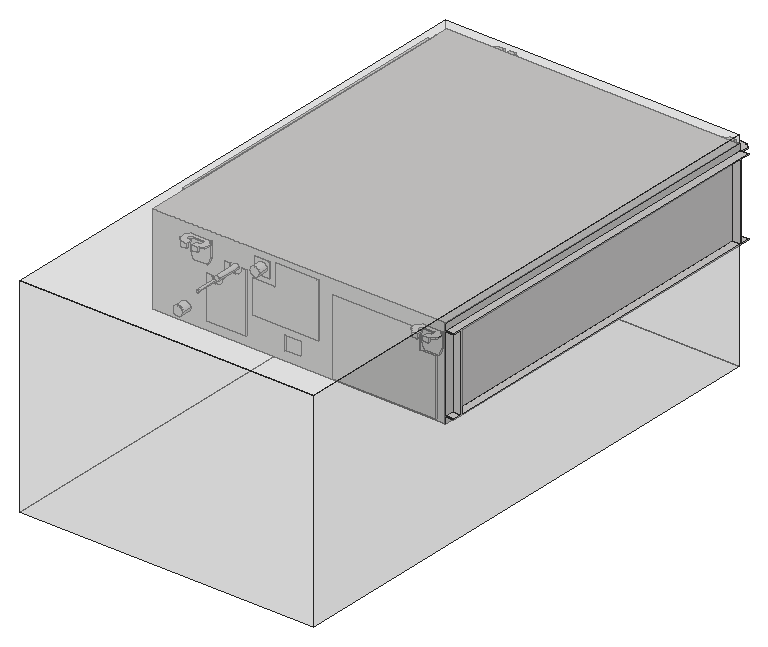
Revit family "outputfile", category 機械設備, Revit 2024
Family settings
  丸型コネクタ寸法 = 半径を使用
  パーツ タイプ = 標準
  OmniClass 番号 = 23.75.10.24.21.27.27
  OmniClass タイトル = Split System Air Conditioning Units
  作業面ベース = いいえ
  常に垂直 = はい
  ロード時にボイドで切り取り = いいえ
  注釈の向きを維持 = いいえ
  共有 = いいえ
  部屋計算ポイント = はい
Parameters (values of type "FXSA50AVM")
  製造元 = "Daikin"
  書き出し IFC クラス(タイプ) = "IfcUnitaryEquipmentType"
  定義済み IFC タイプ(タイプ) = "AIRCONDITIONINGUNIT"
  モデル = "FXSA50AVM"
  switch_frequency = yes
  r_Liquid Pipe Size = Liquid Pipe Size / 2  # 3.2 mm
  r_Gas Pipe Size = Gas Pipe Size / 2  # 6.35 mm
  r_Drain Pipe Size = Drain Pipe Size / 2  # 12.5 mm
  lw_power = 770.0 mm
  lh_SA = 138.0 mm
  lw_SA = if(Width = 550.0 mm, 225.0 mm, if(Width = 700.0 mm, 300.0 mm, if(Width = 1000.0 mm, 450.0 mm, if(Width = 1400.0 mm, 650.0 mm, 725.0 mm))))  # 450.0 mm
  lw_RA = if(Width = 550.0 mm, 275.0 mm, if(Width = 700.0 mm, 349.0 mm, if(Width = 1000.0 mm, 499.0 mm, if(Width = 1400.0 mm, 699.0 mm, 775.0 mm))))  # 499.0 mm
  lh_power = 60.0 mm + [h***]  # 60.0 mm
  lh_mountinghole1 = lh_mountinghole + [h***]  # 222.0 mm
  lh_RA = 123.0 mm
  ld_power = Width / 2  # 500.0 mm
  connector_voltage = Voltage_50Hz  # 220 V
  connector_powerinput = [Power Input (Cooling)]  # 0.075 kW
  connector_phase = Phase_50Hz  # 1
  Voltage_comment_60Hz = "220-230"
  Voltage_comment_50Hz = "220-240"
  Voltage_60Hz = 220 V
  Voltage_50Hz = 220 V
  Total Heating Capacity [instance] = 0.000 kW
  Supply Air Direction [instance] = yes
  Sound Power Level_H speed (dB) = 62
  Power Input (Heating) = 0.070 kW
  Phase_60Hz = 1
  Phase_50Hz = 1
  Nominal Heating Capacity = 6.300 kW
  Minimum External Static Pressure = 50.00 Pa
  Minimum Circuit Amps_60Hz = 1.6 A
  Minimum Circuit Amps_50Hz = 1.6 A
  Maximum Fuse Amps_60Hz = 16.0 A
  Maximum Fuse Amps_50Hz = 16.0 A
  Maximum External Static Pressure = 150.00 Pa
  Material_Casing = DAIKIN_GalvanizedSteel_Casing_indoorunit
  lw_mountinghole = 630.0 mm
  lh_gaspipe = 183.0 mm + [h***]  # 183.0 mm
  lh_mountinghole = 222.0 mm
  lh_liquidpipe = 136.0 mm + [h***]  # 136.0 mm
  lh_drainpipe = 207.0 mm + [h***]  # 207.0 mm
  lh_antena = Height - lh_mountinghole + 1.0 mm  # 24.0 mm
  ld_drainpipe = Width / 2 + 26.0 mm  # 526.0 mm
  ld_liquidpipe = 569.0 mm
  ld_gaspipe = Width / 2 + 65.0 mm  # 565.0 mm
  ld_mountinghole = Width + 38.0 mm  # 1038.0 mm
  h*** = 0.0 mm
  lw_liquidpipe = 179.0 mm
  lw_gaspipe = 229.0 mm
  lw_drainpipe = 300.0 mm
  Width = 1000.0 mm
  Version = "ver.1.0"
  Unit Type = "Duct_M.S.P."
  Unit Mass Weight = 35.00 kg
  Unit Designation [instance] = ""
  Uniclass2015Version = "Products v1.30"
  Uniclass2015Title = "Variable refrigerant flow units"
  Uniclass2015Code = "Pr_70_65_03_94"
  Total Cooling Capacity [instance] = 0.000 kW
  Sound Pressure Level_M speed (dBA) = 32
  Sound Pressure Level_L speed (dBA) = 29
  Sound Pressure Level_H speed (dBA) = 34
  Series = "VRV Fan Coil Unit"
  Sensible Cooling Capacity [instance] = 0.000 kW
  SA Duct Size Width = 792.0 mm
  SA Duct Size Height = 176.0 mm
  Refrigerant Type = "R32"
  RA Duct Size Width = 952.0 mm
  RA Duct Size Height = 208.0 mm
  Power Input (Cooling) = 0.075 kW
  Option Accessory 3 [instance] = ""
  Option Accessory 2 [instance] = ""
  Option Accessory 1 [instance] = ""
  Nominal Cooling Capacity = 5.600 kW
  Minimum Airflow = 690.00 m³/h
  Median Airflow = 870.00 m³/h
  Maximum Airflow = 1020.00 m³/h
  Load Classification = HVAC
  Liquid Pipe Size = 6.4 mm
  Link_Nested Family [instance] = ""
  IfcVersion = ""
  IfcExportType = "AIRCONDITIONINGUNIT"
  IfcExportAs = "IfcUnitaryEquipmentType"
  Height = 245.0 mm
  Heating Entering Wet Bulb Temperature [instance] = -273.15 °C
  Heating Entering Dry Bulb Temperature [instance] = -273.15 °C
  Heating Ambient Wet Bulb Temperature [instance] = -273.15 °C
  Heating Ambient Dry Bulb Temperature [instance] = -273.15 °C
  Heat Exchanger Type = "Cross Fin Coil"
  Gas Pipe Size = 12.7 mm
  Frequency_60Hz = 60 Hz
  Frequency_50Hz = 50 Hz
  Fan Type = "Sirocco Fan"
  Fan Drive = "Direct Drive"
  FCU Tag No. [instance] = ""
  Drain Pipe Size = 25.0 mm
  Design Supply Airflow [instance] = 0.00 m³/h
  Design Return Airflow [instance] = 0.00 m³/h
  Design External Static Pressure [instance] = 0.00 Pa
  Depth = 800.0 mm
  既定の高さ = 0.0 mm
  Cooling Entering Wet Bulb Temperature [instance] = 0.00 °C
  Cooling Entering Dry Bulb Temperature [instance] = 0.00 °C
  Cooling Ambient Wet Bulb Temperature [instance] = 0.00 °C
  Cooling Ambient Dry Bulb Temperature [instance] = 0.00 °C
  Clearance visibility [instance] = yes
  Clearance Top = 20.0 mm
  Clearance Right = 0.0 mm
  Clearance Rear = 0.0 mm
  Clearance Left = 0.0 mm
  Clearance Front = 450.0 mm
  Clearance Bottom = 300.0 mm
Reference planes
  plane 1 "Center (Front/Back)": y = 0
  plane 2 "h": z = 0
  plane 3 "Center (Left/Right)": x = 0
  plane 4 "Back": y = 500
  plane 5 "Front": y = -500
  plane 6 "Left": x = -400
  plane 7 "Right": x = 400
  plane 8 "Top": z = 0
  plane 9 "Bottom": z = -245
  plane 10: y = -215
  plane 11: y = 500
  plane 12: y = -950
  plane 13: x = -400
  plane 14: x = 400
  plane 15: z = 20
  plane 16: z = -545
  plane 17: x = -400
  plane 18: x = -399
  plane 19: x = 399
  plane 20: y = 50
  plane 21: y = -1
  plane 22: z = -122
  plane 23: y = -501
  plane 24: z = -109
  plane 25: x = -221
  plane 26: y = -565
  plane 27: z = -62
  plane 28: x = -171
  plane 29: y = -526
  plane 30: z = -38
  plane 31: x = -100
  plane 32: x = -100
  plane 33: x = -221
  plane 34: x = -171
  plane 35: x = 370
  plane 36: x = -266
  plane 37: x = 364
  plane 38: y = -519
  plane 39: y = 519
  plane 40: z = -23
  plane 41: z = -107
  plane 42: y = -569
  plane 43: z = -207
  plane 44: x = -309
  plane 45: y = -376
  plane 46: x = -251
  plane 47: x = -203
  plane 48: x = -144
  plane 49: z = -59
  plane 50: z = -106
  plane 51: z = -221
  plane 52: z = -109
  plane 53: x = -221
  plane 54: z = -62
  plane 55: x = -171
  plane 56: z = -17
  plane 57: z = -59
  plane 58: x = -121
  plane 59: x = -79
  plane 60: x = -125
  plane 61: x = -64
  plane 62: x = 53
  plane 63: z = -164
  plane 64: z = -73
  plane 65: z = -16
  plane 66: x = 93.5
  plane 67: x = 374.5
  plane 68: x = 330
  plane 69: z = -88.5
  plane 70: z = -38
  plane 71: z = -242.5
  plane 72: x = -38.5
  plane 73: x = 6.5
  plane 74: z = -181
  plane 75: z = -221
  plane 76: y = -499
  plane 77: x = -424
  plane 78: x = 424
Forms (mm)
  Extrusion 1, solid, material "DAIKIN_GalvanizedSteel_Casing_indoorunit" <- "Material_Casing"
    sketch origin (0, 0, 0) x (1, 0, 0) y (0, 1, 0)
      loop
        line (-399, 500) -> (-399, -500) -> (399, -500) -> (399, 500) -> (-399, 500)
    from -245 to 0
  Extrusion 2, solid, material "DAIKIN_GalvanizedSteel_Casing_indoorunit" <- "Material_Casing"
    sketch origin (0, 0, 0) x (1, 0, 0) y (0, 0, 1)
      loop
        line (-251, -221) -> (-144, -221) -> (-144, -59) -> (-154.47, -59)
        arc (-154.47, -59) -> (-171, -78.8) -> (-187.53, -59) r 16.8
        line (-187.53, -59) -> (-203, -59) -> (-203, -106) -> (-206.916, -106)
        arc (-206.916, -106) -> (-221, -123.4) -> (-235.084, -106) r 14.4
        line (-235.084, -106) -> (-251, -106) -> (-251, -221)
    from 500 to 501
  Extrusion 3, solid, material "DAIKIN_GalvanizedSteel_Casing_indoorunit" <- "Material_Casing"
    sketch origin (0, 0, 0) x (1, 0, 0) y (0, 0, 1)
      loop
        line (-121, -17) -> (-121, -59) -> (-79, -59) -> (-79, -17) -> (-121, -17)
      loop
        line (-125, -73) -> (-125, -164) -> (53, -164) -> (53, -16) -> (-64, -16) -> (-64, -73) -> (-125, -73)
    from 500 to 501
  Extrusion 4, solid, material "DAIKIN_GalvanizedSteel_Casing_indoorunit" <- "Material_Casing"
    sketch origin (0, 0, 0) x (1, 0, 0) y (0, 0, 1)
      loop
        line (93.5, -38) -> (93.5, -242.5) -> (374.5, -242.5) -> (374.5, -88.5) -> (330, -88.5) -> (330, -38) -> (93.5, -38)
    from 500 to 501
  Extrusion 5, solid, material "DAIKIN_GalvanizedSteel_Casing_indoorunit" <- "Material_Casing"
    sketch origin (0, 0, 0) x (1, 0, 0) y (0, 0, 1)
      loop
        circle (-221, -109) r 3.2
    from 500 to 569
  Extrusion 6, solid, material "DAIKIN_GalvanizedSteel_Casing_indoorunit" <- "Material_Casing"
    sketch origin (0, 0, 0) x (1, 0, 0) y (0, 0, 1)
      loop
        circle (-171, -62) r 6.35
    from 500 to 565
  Extrusion 7, solid, material "DAIKIN_GalvanizedSteel_Casing_indoorunit" <- "Material_Casing"
    sketch origin (0, 0, 0) x (1, 0, 0) y (0, 0, 1)
      loop
        circle (-100, -38) r 12.5
    from 501 to 526
  Extrusion 8, solid, material "DAIKIN_GalvanizedSteel_Casing_indoorunit" <- "Material_Casing"
    sketch origin (0, 0, 0) x (1, 0, 0) y (0, 0, 1)
      loop
        circle (-309, -207) r 13
    from 500 to 526
  Extrusion 9, void
    sketch origin (0, 0, 0) x (1, 0, 0) y (0, 0, 1)
      loop
        line (-38.5, -181) -> (-38.5, -221) -> (6.5, -221) -> (6.5, -181) -> (-38.5, -181)
    from 499 to 500
Cuts and joins
  Extrusion 9 cuts Extrusion 1
Dimensions and locks
  "Height": plane 8 "Top" to plane 9 "Bottom"
  equal spacing: plane 4 "Back", plane 1 "Center (Front/Back)", plane 5 "Front"
  "Width": plane 4 "Back" to plane 5 "Front"
  equal spacing: plane 6 "Left", plane 3 "Center (Left/Right)", plane 7 "Right"
  "Depth": plane 6 "Left" to plane 7 "Right"
  "Clearance Left": plane 13 to plane 6 "Left"
  "Clearance Right": plane 7 "Right" to plane 14
  "Clearance Rear": plane 11 to plane 4 "Back"
  "Clearance Front": plane 5 "Front" to plane 12
  "Clearance Top": plane 15 to plane 8 "Top"
  "Clearance Bottom": plane 9 "Bottom" to plane 16
  locked: plane 17 to plane 18 at 1
  locked: plane 19 to plane 14 at 1
  "lw_SA": plane 11 to plane 20
  "lw_RA": plane 21 to plane 5 "Front"
  "lh_RA": plane 22 to plane 9 "Bottom"
  locked: plane 5 "Front" to plane 23 at 1
  "lw_liquidpipe": plane 25 to plane 6 "Left"
  "lh_liquidpipe": plane 24 to plane 9 "Bottom"
  "lh_gaspipe": plane 27 to plane 9 "Bottom"
  "lw_gaspipe": plane 28 to plane 6 "Left"
  "ld_gaspipe": plane 26 to plane 1 "Center (Front/Back)"
  "ld_drainpipe": plane 29 to plane 1 "Center (Front/Back)"
  "lh_drainpipe": plane 30 to plane 9 "Bottom"
  "lw_drainpipe": plane 31 to plane 6 "Left"
  "lw_drainpipe": plane 6 "Left" to plane 32
  "lw_liquidpipe": plane 6 "Left" to plane 33
  "lw_gaspipe": plane 6 "Left" to plane 34
  "lw_power": plane 6 "Left" to plane 35
  locked: plane 17 to plane 36 at 134
  "lw_mountinghole": plane 36 to plane 37
  equal spacing: plane 38, plane 1 "Center (Front/Back)", plane 39
  "ld_mountinghole": plane 39 to plane 38
  "lh_mountinghole": plane 40 to plane 9 "Bottom"
  "lh_SA": plane 41 to plane 9 "Bottom"
  locked: plane 44 to plane 6 "Left" at 91
  locked: plane 43 to plane 9 "Bottom" at 38
  plane 48 to plane 47 to plane 46 to plane 6 "Left" = 59.0 mm, 48.0 mm, 149.0 mm
  plane 8 "Top" to plane 49 to plane 50 to plane 51 = 59.0 mm locked, 47.0 mm locked, 115.0 mm locked
  plane 55 to plane 53 to plane 6 "Left" = 50.0 mm locked, 179.0 mm locked
  plane 54 to plane 52 to plane 9 "Bottom" = 47.0 mm locked, 136.0 mm locked
  plane 59 to plane 58 to plane 6 "Left" = 42.0 mm locked, 279.0 mm locked
  plane 8 "Top" to plane 56 to plane 57 = 17.0 mm locked, 42.0 mm locked
  plane 62 to plane 61 to plane 60 to plane 6 "Left" = 117.0 mm, 61.0 mm, 275.0 mm
  plane 8 "Top" to plane 65 to plane 64 = 16.0 mm locked, 57.0 mm locked
  locked: plane 65 to plane 63 at 148
  plane 8 "Top" to plane 70 to plane 69 to plane 71 = 38.0 mm locked, 50.5 mm locked, 154.0 mm locked
  plane 67 to plane 68 to plane 66 to plane 6 "Left" = 44.5 mm locked, 236.5 mm locked, 493.5 mm locked
  plane 8 "Top" to plane 74 to plane 75 = 181.0 mm locked, 40.0 mm locked
  plane 73 to plane 72 to plane 6 "Left" = 45.0 mm, 361.5 mm
  locked: plane 76 to plane 5 "Front" at 1
  locked: plane 77 to plane 17 at 24
  locked: plane 14 to plane 78 at 24
  "ld_liquidpipe": plane 42 to plane 1 "Center (Front/Back)"
  "r_Liquid Pipe Size": radius of Extrusion 5 sketch curve
  "r_Gas Pipe Size": radius of Extrusion 6 sketch curve
  "r_Drain Pipe Size": radius of Extrusion 7 sketch curve
  aligned and locked: level to plane 2 "h"
  aligned and locked: plane 8 "Top" to Extrusion 1
  aligned and locked: Extrusion 1 to plane 9 "Bottom"
  aligned and locked: nested 5 to plane 12
  aligned and locked: plane 13 to nested 5
  aligned and locked: plane 14 to nested 5
  aligned and locked: nested 5 to plane 13
  aligned and locked: plane 11 to nested 5
  aligned and locked: plane 15 to nested 5
  aligned and locked: plane 16 to nested 5
  aligned and locked: plane 5 "Front" to Extrusion 1 sketch curve
  aligned and locked: Extrusion 1 to plane 18
  aligned and locked: plane 19 to Extrusion 1
  aligned and locked: nested 7 to plane 18
  aligned and locked: nested 7 to plane 20
  aligned and locked: plane 19 to nested 8
  aligned and locked: plane 21 to nested 8
  aligned and locked: plane 22 to nested 8
  aligned and locked: Extrusion 2 to plane 23
  aligned and locked: plane 5 "Front" to Extrusion 2
  aligned and locked: Extrusion 3 to plane 23
  aligned and locked: plane 5 "Front" to Extrusion 3
  aligned and locked: plane 5 "Front" to Extrusion 4
  aligned and locked: Extrusion 5 sketch curve to plane 25
  aligned and locked: plane 24 to Extrusion 5 sketch curve
  aligned and locked: plane 5 "Front" to Extrusion 5
  aligned and locked: Extrusion 6 sketch curve to plane 28
  aligned and locked: plane 27 to Extrusion 6 sketch curve
  aligned and locked: plane 5 "Front" to Extrusion 6
  aligned and locked: Extrusion 7 sketch curve to plane 31
  aligned and locked: Extrusion 7 sketch curve to plane 30
  aligned and locked: Extrusion 7 to plane 29
  aligned and locked: plane 23 to Extrusion 7
  aligned and locked: nested 3 to plane 29
  aligned and locked: plane 32 to nested 3
  aligned and locked: nested 2 to plane 33
  aligned and locked: nested 1 to plane 34
  aligned and locked: Extrusion 6 to plane 26
  aligned and locked: nested 1 to plane 26
  aligned and locked: nested 6 to plane 5 "Front"
  aligned and locked: nested 6 to plane 35
  aligned and locked: plane 36 to nested 10
  aligned and locked: nested 10 to plane 5 "Front"
  aligned and locked: plane 37 to nested 9
  aligned and locked: nested 9 to plane 5 "Front"
  aligned and locked: nested 11 to plane 36
  aligned and locked: plane 4 "Back" to nested 11
  aligned and locked: nested 12 to plane 37
  aligned and locked: plane 4 "Back" to nested 12
  aligned and locked: plane 40 to nested 10
  aligned and locked: plane 40 to nested 11
  aligned and locked: plane 40 to nested 9
  aligned and locked: plane 40 to nested 12
  aligned and locked: plane 36 to nested 14
  aligned and locked: nested 14 to plane 39
  aligned and locked: plane 37 to nested 13
  aligned and locked: nested 13 to plane 39
  aligned and locked: plane 37 to nested 16
  aligned and locked: plane 38 to nested 16
  aligned and locked: plane 38 to nested 15
  aligned and locked: plane 36 to nested 15
  aligned and locked: plane 17 to plane 6 "Left"
  aligned and locked: plane 41 to nested 7
  aligned and locked: Extrusion 5 to plane 42
  aligned and locked: nested 2 to plane 42
  aligned and locked: Extrusion 8 sketch curve to plane 44
  aligned and locked: plane 43 to Extrusion 8 sketch curve
  aligned and locked: plane 5 "Front" to Extrusion 8
  aligned and locked: Extrusion 3 sketch curve to plane 56
  aligned and locked: Extrusion 3 sketch curve to plane 58
  aligned and locked: plane 57 to Extrusion 3 sketch curve
  aligned and locked: plane 59 to Extrusion 3 sketch curve
  aligned and locked: Extrusion 4 to plane 23
  aligned and locked: Extrusion 9 sketch curve to plane 74
  aligned and locked: plane 75 to Extrusion 9 sketch curve
  aligned and locked: plane 73 to Extrusion 9 sketch curve
  aligned and locked: plane 5 "Front" to Extrusion 9
  aligned and locked: plane 76 to Extrusion 9
  aligned and locked: nested 17 to plane 20
  aligned and locked: nested 17 to plane 77
  aligned and locked: plane 21 to nested 18
  aligned and locked: plane 78 to nested 18
  aligned and locked: plane 41 to nested 17
  aligned and locked: nested 18 to plane 22
  aligned and locked: nested 4 to plane 3 "Center (Left/Right)"
  aligned and locked: plane 1 "Center (Front/Back)" to nested 4
  aligned and locked: level to plane 8 "Top"
  aligned and locked: Extrusion 8 to plane 29
Automatic sketch dimensions
  plane 6 "Left" to Extrusion 1 sketch curve = 1.0 mm
  Extrusion 1 sketch curve to plane 7 "Right" = 1.0 mm
  Extrusion 1 sketch curve to plane 4 "Back" = 0.0 mm
  Extrusion 2 sketch curve to plane 46 = 0.0 mm
  Extrusion 2 sketch curve to plane 33 = 0.0 mm
  Extrusion 2 sketch curve to plane 47 = 0.0 mm
  Extrusion 2 sketch curve to plane 34 = 0.0 mm
  Extrusion 2 sketch curve to plane 48 = 0.0 mm
  Extrusion 2 sketch curve to plane 51 = 0.0 mm
  Extrusion 2 sketch curve to plane 52 = 0.0 mm
  Extrusion 2 sketch curve to plane 50 = 0.0 mm  (x3)
  Extrusion 2 sketch curve to plane 54 = 0.0 mm
  Extrusion 2 sketch curve to plane 49 = 0.0 mm  (x3)
  plane 33 to Extrusion 2 sketch curve = 14.084 mm
  plane 34 to Extrusion 2 sketch curve = 16.53 mm
  Extrusion 3 sketch curve to plane 60 = 0.0 mm
  Extrusion 3 sketch curve to plane 61 = 0.0 mm
  Extrusion 3 sketch curve to plane 62 = 0.0 mm
  Extrusion 3 sketch curve to plane 63 = 0.0 mm
  Extrusion 3 sketch curve to plane 64 = 0.0 mm
  Extrusion 3 sketch curve to plane 65 = 0.0 mm
  Extrusion 4 sketch curve to plane 66 = 0.0 mm
  Extrusion 4 sketch curve to plane 68 = 0.0 mm
  Extrusion 4 sketch curve to plane 67 = 0.0 mm
  Extrusion 4 sketch curve to plane 71 = 0.0 mm
  Extrusion 4 sketch curve to plane 69 = 0.0 mm
  Extrusion 4 sketch curve to plane 70 = 0.0 mm
  Extrusion 9 sketch curve to plane 72 = 0.0 mm
  radius of Extrusion 8 sketch curve = 13.0 mm
Nested families
  nested 1: "daikin_connector_rotate2" at (-171, 0, -62), length <- "ld_gaspipe", built-in parameter 1001364 <- "lh_gaspipe", radius <- "r_Gas Pipe Size", type "daikin_connector_rotate2"
    with radius 6.35 mm, length 565.0 mm, angle_vertical 90.00°
  nested 2: "daikin_connector_rotate2" at (-221, 0, -109), length <- "ld_liquidpipe", built-in parameter 1001364 <- "lh_liquidpipe", radius <- "r_Liquid Pipe Size", type "daikin_connector_rotate2"
    with radius 3.2 mm, length 569.0 mm, angle_vertical 90.00°
  nested 3: "daikin_connector_rotate2" at (-100, 0, -38), length <- "ld_drainpipe", built-in parameter 1001364 <- "lh_drainpipe", radius <- "r_Drain Pipe Size", type "daikin_connector_rotate2"
    with radius 12.5 mm, length 526.0 mm, angle_vertical 90.00°
  nested 4: "daikin_△_symbolicline" at (0, 0, 245) x (0, -1, 0) z (0, 0, 1), built-in parameter 1001364 <- "Height", visible <- "Supply Air Direction", type "daikin_△_symbolicline"
    with length 200.0 mm
  nested 5: "daikin_clearancespace" at (0, -225, -262.381), visible <- "Clearance visibility", show <- "Clearance visibility", Link_Nested Family <- "Link_Nested Family", type "daikin_clearancespace"
    with width 800.0 mm, show yes, height 565.0 mm, depth 1450.0 mm, Link_Nested Family ""
  nested 6: "daikin_connector_rotate2" at (370, 0, -185), built-in parameter 1001364 <- "lh_power", length <- "ld_power", type "daikin_connector_rotate2"
    with radius 10.0 mm, length 500.0 mm, angle_vertical 90.00°
  nested 7: "daikin_ductflange_FXSA-AVM2" at (-399, 50, -107) x (0, -1, 0) z (0, 0, 1), type "daikin_ductflange_FXSA-AVM2"
    with width 792.0 mm, w 1000.0 mm
  nested 8: "daikin_ductflange_FXSA-AVM" at (399, -1, -122) x (0, 1, 0) z (0, 0, 1), type "daikin_ductflange_FXSA-AVM"
    with width 952.0 mm, lw 25.0 mm, w 1000.0 mm
  nested 9: "FXFSA-AVM" at (364, -500, -23), type "daikin_hangerfixture_FXFSA-AVM"
  nested 10: "FXFSA-AVM" at (-266, -500, -23), type "daikin_hangerfixture_FXFSA-AVM"
  nested 11: "FXFSA-AVM" at (-266, 500, -23) x (-1, 0, 0) z (0, 0, 1), type "daikin_hangerfixture_FXFSA-AVM"
  nested 12: "FXFSA-AVM" at (364, 500, -23) x (-1, 0, 0) z (0, 0, 1), type "daikin_hangerfixture_FXFSA-AVM"
  nested 13: "daikin_mountinghole" at (364, 519, -245), h_mountinghole <- "lh_mountinghole1", l_antenna <- "lh_antena", Link_Nested Family <- "Link_Nested Family", type "daikin_mountinghole"
    with show yes, l_antenna 24.0 mm, h_mountinghole 222.0 mm, Link_Nested Family ""
  nested 14: "daikin_mountinghole" at (-266, 519, -245), h_mountinghole <- "lh_mountinghole1", l_antenna <- "lh_antena", Link_Nested Family <- "Link_Nested Family", type "daikin_mountinghole"
    with show yes, l_antenna 24.0 mm, h_mountinghole 222.0 mm, Link_Nested Family ""
  nested 15: "daikin_mountinghole" at (-266, -519, -245), h_mountinghole <- "lh_mountinghole1", l_antenna <- "lh_antena", Link_Nested Family <- "Link_Nested Family", type "daikin_mountinghole"
    with show yes, l_antenna 24.0 mm, h_mountinghole 222.0 mm, Link_Nested Family ""
  nested 16: "daikin_mountinghole" at (364, -519, -245), h_mountinghole <- "lh_mountinghole1", l_antenna <- "lh_antena", Link_Nested Family <- "Link_Nested Family", type "daikin_mountinghole"
    with show yes, l_antenna 24.0 mm, h_mountinghole 222.0 mm, Link_Nested Family ""
  nested 17: "daikin_connector_rotate2" at (-400, 50, -107) x (0, -1, 0) z (0, 0, 1), type "daikin_connector_rotate2"
    with radius 10.0 mm, length 24.0 mm, angle_vertical 90.00°
  nested 18: "daikin_connector_rotate2" at (400, -1, -122) x (0, 1, 0) z (0, 0, 1), type "daikin_connector_rotate2"
    with radius 10.0 mm, length 24.0 mm, angle_vertical 90.00°
Connectors
  piping at (-100, -526, -38), diameter 25, driven by "r_Drain Pipe Size"
    settings: on nested 3, index 3, connector inside diameter 609.6 mm, connector length 0.0 mm, flow factor 0, pipe flow 0.00 m³/h, pressure drop 0.0 Pa, fitting loss kfactor 0, connector angle 0.00°, fixture units 0, engagement length 0.0 mm, angle of deflection 0.00°, flow configuration 1, flow direction 2, fitting loss method 4, system type 16, joint type 0, gender type 0, connector reference index -1, connector utility 0, adjustable connector no, is connector primary yes, connector description "Condensate Drain Piping"
  piping at (-171, -565, -62), diameter 12.7, driven by "r_Gas Pipe Size"
    settings: on nested 1, index 4, connector inside diameter 609.6 mm, connector length 0.0 mm, flow factor 0, pipe flow 0.00 m³/h, pressure drop 0.0 Pa, fitting loss kfactor 0, connector angle 0.00°, fixture units 0, engagement length 0.0 mm, angle of deflection 0.00°, flow configuration 1, flow direction 2, fitting loss method 0, system type 29, joint type 0, gender type 0, connector reference index -1, connector utility 0, adjustable connector no, is connector primary no, connector description "Refrigerant Gas Piping"
  piping at (-221, -569, -109), diameter 6.4, driven by "r_Liquid Pipe Size"
    settings: on nested 2, index 5, connector inside diameter 609.6 mm, connector length 0.0 mm, flow factor 0, pipe flow 0.00 m³/h, pressure drop 0.0 Pa, fitting loss kfactor 0, connector angle 0.00°, fixture units 0, engagement length 0.0 mm, angle of deflection 0.00°, flow configuration 1, flow direction 1, fitting loss method 0, system type 29, joint type 0, gender type 0, connector reference index -1, connector utility 0, adjustable connector no, is connector primary no, connector description "Refrigerant Liquid Piping"
  electrical at (370, -500, -185), driven by "Load Classification", driven by "connector_voltage", driven by "connector_phase", driven by "connector_powerinput"
    settings: on nested 6, index 6, voltage 220 V, apparent load 75 VA, apparent load phase1 0 VA, apparent load phase2 0 VA, apparent load phase3 0 VA, power factor 1, load classification "HVAC", number of poles 1, system type 30, power factor state 1, is connector primary yes, connector utility no, sub classification motor no, connector description "Power Supply"
  hvac at (-424, 50, -107), driven by "SA Duct Size Height", driven by "SA Duct Size Width"
    settings: on nested 17, index 7, duct flow 0.00 m³/h, flow factor 0, pres drop 0.00 Pa, loss coef 0, conn angle 0.00°, conn width 792.0 mm, conn height 176.0 mm, conn diameter 609.6 mm, duct sys type 1, conn prof type 1, flow config 0, flow direction 2, loss method 4, conn ref index -1, conn util no, is conn primary yes, conn desc "SA Duct"
  hvac at (424, -1, -122), driven by "RA Duct Size Height", driven by "RA Duct Size Width"
    settings: on nested 18, index 8, duct flow 0.00 m³/h, flow factor 0, pres drop 0.00 Pa, loss coef 0, conn angle 0.00°, conn width 952.0 mm, conn height 208.0 mm, conn diameter 609.6 mm, duct sys type 2, conn prof type 1, flow config 0, flow direction 1, loss method 4, conn ref index -1, conn util no, is conn primary no, conn desc "RA Duct"
Definition of nested family "daikin_clearancespace"
  Parameters (values of type "daikin_clearancespace")
    Description = "daikin_clearancespace"
    width [instance] = 1823.963 mm
    show [instance] = yes
    material = none
    height [instance] = 1359.762 mm
    depth [instance] = 880.0 mm
    Default Elevation = 0.0 mm
    Link_Nested Family [instance] = ""
  Reference planes
    plane 1 "Center (Front/Back)": y = 0
    plane 2 "Center (Elevation)": z = -0.119
    plane 3 "Center (Left/Right)": x = 0
    plane 4: y = 440
    plane 5: y = -440
    plane 6 "Right": x = 911.982
    plane 7 "Left": x = -911.982
    plane 8 "Top": z = 679.762
    plane 9 "Bottom": z = -680
  Forms (mm)
    Extrusion 1, solid, material <- "material", visible <- "show"
      sketch origin (0, 0, 0) x (1, 0, 0) y (0, 1, 0)
        loop
          line (-911.982, 440) -> (-911.982, -440) -> (911.982, -440) -> (911.982, 440) -> (-911.982, 440)
      from -680 to 679.762
  Lines and regions (mm)
    symbolic lines, visible <- "show"
      curve 1: line (911.982, 440, 0) -> (-911.982, 440, 0)
      curve 2: line (-911.982, 440, 0) -> (-911.982, -440, 0)
      curve 3: line (-911.982, -440, 0) -> (911.982, -440, 0)
      curve 4: line (911.982, -440, 0) -> (911.982, 440, 0)
      curve 5: line (911.982, 0, 679.762) -> (-911.982, 0, 679.762)
      curve 6: line (911.982, 0, -680) -> (911.982, 0, 679.762)
      curve 7: line (-911.982, 0, -680) -> (911.982, 0, -680)
      curve 8: line (-911.982, 0, 679.762) -> (-911.982, 0, -680)
      curve 9: line (0, 440, 679.762) -> (0, -440, 679.762)
      curve 10: line (0, -440, 679.762) -> (0, -440, -680)
      curve 11: line (0, 440, -680) -> (0, 440, 679.762)
      curve 12: line (0, -440, -680) -> (0, 440, -680)
  Dimensions and locks
    "width": plane 7 "Left" to plane 6 "Right"
    "depth": plane 4 to plane 5
    "height": plane 8 "Top" to plane 9 "Bottom"
    equal spacing: plane 7 "Left", plane 3 "Center (Left/Right)", plane 6 "Right"
    equal spacing: plane 4, plane 1 "Center (Front/Back)", plane 5
    equal spacing: plane 8 "Top", plane 2 "Center (Elevation)", plane 9 "Bottom"
    aligned and locked: level to plane 2 "Center (Elevation)"
    aligned and locked: Extrusion 1 sketch curve to plane 4
    aligned and locked: plane 7 "Left" to Extrusion 1 sketch curve
    aligned and locked: Extrusion 1 sketch curve to plane 5
    aligned and locked: Extrusion 1 sketch curve to plane 6 "Right"
    aligned and locked: plane 8 "Top" to Extrusion 1
    aligned and locked: curve 1 to Extrusion 1
    aligned and locked: curve 2 to Extrusion 1
    aligned and locked: curve 3 to Extrusion 1
    aligned and locked: curve 4 to Extrusion 1
    aligned and locked: curve 5 to Extrusion 1
    aligned and locked: curve 6 to Extrusion 1
    aligned and locked: curve 7 to Extrusion 1
    aligned and locked: curve 8 to Extrusion 1
    aligned and locked: curve 9 to Extrusion 1
    aligned and locked: curve 10 to Extrusion 1
    aligned and locked: curve 11 to Extrusion 1
    aligned and locked: curve 12 to Extrusion 1
    aligned and locked: Extrusion 1 to plane 9 "Bottom"
Definition of nested family "daikin_ductflange_FXSA-AVM2"
  Parameters (values of type "daikin_ductflange_FBA-BVMA2")
    width = if(w = 550.0 mm, 337.0 mm, if(w = 700.0 mm, 492.0 mm, if(w = 1000.0 mm, 792.0 mm, if(w = 1400.0 mm, 1192.0 mm, 1337.0 mm))))  # 492.0 mm
    w1 = if(w = 550.0 mm, 24.0 mm, if(w = 700.0 mm, 21.5 mm, if(w = 1000.0 mm, 21.5 mm, if(w = 1400.0 mm, 21.5 mm, 24.0 mm))))  # 21.5 mm
    material = none
    height = 215.0 mm
    depth = 1.0 mm
    w = 700.0 mm
    Default Elevation = 0.0 mm
  Reference planes
    plane 1 "Center (Front/Back)": y = 0
    plane 2: z = 0
    plane 3 "Center (Left/Right)": x = 0
    plane 4: z = 88
    plane 5: z = -88
    plane 6: y = -25
    plane 7: z = 106
    plane 8: z = 89
    plane 9: y = -1
    plane 10: x = -267.5
    plane 11: x = 267.5
    plane 12: z = -106
    plane 13: z = -89
    plane 14: y = -1
    plane 15: x = 246
    plane 16: x = -246
    plane 17: x = 247
    plane 18: z = 87
    plane 19: z = -87
    plane 20: x = -247
    plane 21: z = 87
    plane 22: z = -87
    plane 23: y = -1
  Forms (mm)
    Extrusion 1, solid, material <- "material"
      sketch origin (0, 0, 0) x (0, 1, 0) y (0, 0, 1)
        loop
          line (-25, 88) -> (0, 88) -> (0, 106) -> (-1, 106) -> (-1, 89) -> (-25, 89) -> (-25, 88)
      from -267.5 to 267.5
    Extrusion 2, solid, material <- "material"
      sketch origin (0, 0, 0) x (0, 1, 0) y (0, 0, 1)
        loop
          line (-25, -88) -> (-25, -89) -> (-1, -89) -> (-1, -106) -> (0, -106) -> (0, -88) -> (-25, -88)
      from -267.5 to 267.5
    Extrusion 3, solid, material <- "material"
      sketch origin (0, 0, 0) x (1, 0, 0) y (0, 0, 1)
        loop
          line (246, 88) -> (246, -88) -> (267.5, -88) -> (267.5, -87) -> (247, -87) -> (247, 87) -> (267.5, 87) -> (267.5, 88) -> (246, 88)
      from 0 to 25
    Extrusion 4, solid, material <- "material"
      sketch origin (0, 0, 0) x (1, 0, 0) y (0, 0, 1)
        loop
          line (-267.5, 88) -> (-267.5, 87) -> (-247, 87) -> (-247, -87) -> (-267.5, -87) -> (-267.5, -88) -> (-246, -88) -> (-246, 88) -> (-267.5, 88)
      from 0 to 25
    Extrusion 5, solid, material <- "material"
      sketch origin (0, 0, 0) x (1, 0, 0) y (0, 0, 1)
        loop
          line (-267.5, 88) -> (-267.5, -88) -> (-246, -88) -> (-246, 88) -> (-267.5, 88)
        loop
          line (267.5, 88) -> (246, 88) -> (246, -88) -> (267.5, -88) -> (267.5, 88)
      from 0 to 1
  Cuts and joins
    joined: Extrusion 1, Extrusion 2, Extrusion 3, Extrusion 4, Extrusion 5
  Dimensions and locks
    plane 4 to level to plane 5 = 88.0 mm, 88.0 mm
    locked: plane 6 to plane 1 "Center (Front/Back)" at 25
    locked: plane 9 to plane 1 "Center (Front/Back)" at 1
    locked: plane 8 to plane 4 at 1
    "w1": plane 16 to plane 10
    locked: plane 17 to plane 15 at 1
    locked: plane 4 to plane 18 at 1
    locked: plane 19 to plane 5 at 1
    "width": plane 15 to plane 16
    plane 4 to plane 5 = 176.0 mm
    locked: plane 16 to plane 20 at 1
    locked: plane 4 to plane 21 at 1
    locked: plane 22 to plane 5 at 1
    locked: plane 23 to plane 1 "Center (Front/Back)" at 1
    plane 4 to level to plane 5 = 88.0 mm locked, 88.0 mm locked
    locked: plane 5 to plane 13 at 1
    locked: plane 5 to plane 12 at 18
    locked: plane 7 to plane 4 at 18
    equal spacing: plane 15, plane 3 "Center (Left/Right)", plane 16
    "w1": plane 11 to plane 15
    plane 11 to plane 10 = 535.0 mm
    aligned and locked: level to plane 2
    aligned and locked: Extrusion 1 to plane 10
    aligned and locked: plane 11 to Extrusion 1
    aligned and locked: plane 5 to Extrusion 2
    aligned and locked: Extrusion 2 to plane 1 "Center (Front/Back)"
    aligned and locked: plane 15 to Extrusion 3 sketch curve
    aligned and locked: Extrusion 3 sketch curve to Extrusion 2  (x2)
    aligned and locked: Extrusion 3 sketch curve to plane 11
    aligned and locked: plane 6 to Extrusion 3
    aligned and locked: Extrusion 2 to plane 10
    aligned and locked: plane 11 to Extrusion 2
    aligned and locked: Extrusion 4 sketch curve to Extrusion 1  (x2)
    aligned and locked: plane 5 to Extrusion 4 sketch curve
    aligned and locked: Extrusion 4 sketch curve to plane 16
    aligned and locked: Extrusion 4 sketch curve to plane 22
    aligned and locked: plane 20 to Extrusion 4 sketch curve
    aligned and locked: plane 21 to Extrusion 4 sketch curve
    aligned and locked: Extrusion 4 to plane 1 "Center (Front/Back)"
    aligned and locked: plane 6 to Extrusion 4
    aligned and locked: Extrusion 5 sketch curve to Extrusion 1  (x4)
    aligned and locked: Extrusion 5 sketch curve to Extrusion 4  (x2)
    aligned and locked: Extrusion 5 sketch curve to Extrusion 3  (x2)
    aligned and locked: Extrusion 5 to plane 1 "Center (Front/Back)"
    aligned and locked: plane 23 to Extrusion 5
  Automatic sketch dimensions
    Extrusion 1 sketch curve to plane 6 = 0.0 mm
    Extrusion 1 sketch curve to plane 7 = 0.0 mm
    Extrusion 1 sketch curve to plane 9 = 0.0 mm
    Extrusion 1 sketch curve to plane 1 "Center (Front/Back)" = 0.0 mm
    Extrusion 1 sketch curve to plane 4 = 0.0 mm
    Extrusion 1 sketch curve to plane 8 = 0.0 mm
    Extrusion 2 sketch curve to plane 6 = 0.0 mm
    plane 12 to Extrusion 2 sketch curve = 0.0 mm
    Extrusion 2 sketch curve to plane 14 = 0.0 mm
    Extrusion 2 sketch curve to plane 1 "Center (Front/Back)" = 0.0 mm
    plane 13 to Extrusion 2 sketch curve = 0.0 mm
    Extrusion 2 sketch curve to plane 5 = 0.0 mm
    Extrusion 3 sketch curve to plane 17 = 0.0 mm
    Extrusion 3 sketch curve to plane 19 = 0.0 mm
    Extrusion 3 sketch curve to plane 18 = 0.0 mm
    Extrusion 3 sketch curve to plane 4 = 0.0 mm
    Extrusion 4 sketch curve to plane 10 = 0.0 mm
Definition of nested family "daikin_ductflange_FXSA-AVM"
  Parameters (values of type "daikin_ductflange_FBFC-DVMG")
    width = if(w = 550.0 mm, 502.0 mm, if(w = 700.0 mm, 654.0 mm, if(w = 1000.0 mm, 952.0 mm, if(w = 1400.0 mm, 1352.0 mm, 1502.0 mm))))  # 654.0 mm
    material = none
    lw = if(width = 654.0 mm, 23.0 mm, 25.0 mm)  # 23.0 mm
    height = 208.0 mm
    depth = 1.0 mm
    w = 700.0 mm
    Default Elevation = 0.0 mm
  Reference planes
    plane 1 "Center (Front/Back)": y = 0
    plane 2: z = 0
    plane 3 "Center (Left/Right)": x = 0
    plane 4: z = 104
    plane 5: z = -104
    plane 6: y = -25
    plane 7: z = 121
    plane 8: z = 105
    plane 9: y = -1
    plane 10: x = -350
    plane 11: x = 350
    plane 12: z = -122
    plane 13: z = -105
    plane 14: y = -1
    plane 15: x = 327
    plane 16: x = -327
    plane 17: x = 328
    plane 18: z = 103
    plane 19: z = -103
    plane 20: x = -328
    plane 21: z = 103
    plane 22: z = -103
    plane 23: y = -1
  Forms (mm)
    Extrusion 1, solid, material <- "material"
      sketch origin (0, 0, 0) x (0, 1, 0) y (0, 0, 1)
        loop
          line (-25, 104) -> (0, 104) -> (0, 121) -> (-1, 121) -> (-1, 105) -> (-25, 105) -> (-25, 104)
      from -350 to 350
    Extrusion 2, solid, material <- "material"
      sketch origin (0, 0, 0) x (0, 1, 0) y (0, 0, 1)
        loop
          line (-25, -104) -> (-25, -105) -> (-1, -105) -> (-1, -122) -> (0, -122) -> (0, -104) -> (-25, -104)
      from -350 to 350
    Extrusion 3, solid, material <- "material"
      sketch origin (0, 0, 0) x (1, 0, 0) y (0, 0, 1)
        loop
          line (327, 104) -> (327, -104) -> (350, -104) -> (350, -103) -> (328, -103) -> (328, 103) -> (350, 103) -> (350, 104) -> (327, 104)
      from 0 to 25
    Extrusion 4, solid, material <- "material"
      sketch origin (0, 0, 0) x (1, 0, 0) y (0, 0, 1)
        loop
          line (-350, 104) -> (-350, 103) -> (-328, 103) -> (-328, -103) -> (-350, -103) -> (-350, -104) -> (-327, -104) -> (-327, 104) -> (-350, 104)
      from 0 to 25
    Extrusion 5, solid, material <- "material"
      sketch origin (0, 0, 0) x (1, 0, 0) y (0, 0, 1)
        loop
          line (-350, 104) -> (-350, -104) -> (-327, -104) -> (-327, 104) -> (-350, 104)
        loop
          line (350, 104) -> (327, 104) -> (327, -104) -> (350, -104) -> (350, 104)
      from 0 to 1
  Cuts and joins
    joined: Extrusion 1, Extrusion 2, Extrusion 3, Extrusion 4, Extrusion 5
  Dimensions and locks
    plane 4 to level to plane 5 = 104.0 mm, 104.0 mm
    locked: plane 6 to plane 1 "Center (Front/Back)" at 25
    locked: plane 9 to plane 1 "Center (Front/Back)" at 1
    locked: plane 8 to plane 4 at 1
    "lw": plane 11 to plane 15
    "lw": plane 16 to plane 10
    locked: plane 17 to plane 15 at 1
    locked: plane 4 to plane 18 at 1
    locked: plane 19 to plane 5 at 1
    "width": plane 15 to plane 16
    equal spacing: plane 15, plane 3 "Center (Left/Right)", plane 16
    locked: plane 16 to plane 20 at 1
    locked: plane 4 to plane 21 at 1
    locked: plane 22 to plane 5 at 1
    locked: plane 23 to plane 1 "Center (Front/Back)" at 1
    locked: plane 7 to plane 4 at 17
    locked: plane 1 "Center (Front/Back)" to plane 14 at 1
    locked: plane 5 to plane 13 at 1
    "height": plane 4 to plane 5
    plane 11 to plane 10 = 700.0 mm
    locked: plane 12 to plane 13 at 17
    equal spacing: plane 4, level, plane 5
    aligned and locked: level to plane 2
    aligned and locked: Extrusion 1 to plane 10
    aligned and locked: plane 11 to Extrusion 1
    aligned and locked: plane 5 to Extrusion 2
    aligned and locked: Extrusion 2 to plane 1 "Center (Front/Back)"
    aligned and locked: plane 15 to Extrusion 3 sketch curve
    aligned and locked: Extrusion 3 sketch curve to Extrusion 2  (x2)
    aligned and locked: Extrusion 3 sketch curve to plane 11
    aligned and locked: plane 6 to Extrusion 3
    aligned and locked: Extrusion 2 to plane 10
    aligned and locked: plane 11 to Extrusion 2
    aligned and locked: Extrusion 4 sketch curve to Extrusion 1  (x2)
    aligned and locked: plane 5 to Extrusion 4 sketch curve
    aligned and locked: Extrusion 4 sketch curve to plane 16
    aligned and locked: Extrusion 4 sketch curve to plane 22
    aligned and locked: plane 20 to Extrusion 4 sketch curve
    aligned and locked: plane 21 to Extrusion 4 sketch curve
    aligned and locked: Extrusion 4 to plane 1 "Center (Front/Back)"
    aligned and locked: plane 6 to Extrusion 4
    aligned and locked: Extrusion 5 sketch curve to Extrusion 1  (x4)
    aligned and locked: Extrusion 5 sketch curve to Extrusion 4  (x2)
    aligned and locked: Extrusion 5 sketch curve to Extrusion 3  (x2)
    aligned and locked: Extrusion 5 to plane 1 "Center (Front/Back)"
    aligned and locked: plane 23 to Extrusion 5
  Automatic sketch dimensions
    Extrusion 1 sketch curve to plane 6 = 0.0 mm
    Extrusion 1 sketch curve to plane 7 = 0.0 mm
    Extrusion 1 sketch curve to plane 9 = 0.0 mm
    Extrusion 1 sketch curve to plane 1 "Center (Front/Back)" = 0.0 mm
    Extrusion 1 sketch curve to plane 4 = 0.0 mm
    Extrusion 1 sketch curve to plane 8 = 0.0 mm
    Extrusion 2 sketch curve to plane 6 = 0.0 mm
    plane 12 to Extrusion 2 sketch curve = 0.0 mm
    Extrusion 2 sketch curve to plane 14 = 0.0 mm
    Extrusion 2 sketch curve to plane 1 "Center (Front/Back)" = 0.0 mm
    plane 13 to Extrusion 2 sketch curve = 0.0 mm
    Extrusion 2 sketch curve to plane 5 = 0.0 mm
    Extrusion 3 sketch curve to plane 17 = 0.0 mm
    Extrusion 3 sketch curve to plane 19 = 0.0 mm
    Extrusion 3 sketch curve to plane 18 = 0.0 mm
    Extrusion 3 sketch curve to plane 4 = 0.0 mm
    Extrusion 4 sketch curve to plane 10 = 0.0 mm
Definition of nested family "FXFSA-AVM"
  Parameters (values of type "daikin_hangerfixture_FXMQ-PAVE")
    width = 72.0 mm
    material = none
    height = 60.0 mm
    depth = 41.0 mm
    Default Elevation = 0.0 mm
  Reference planes
    plane 1 "Center (Front/Back)": y = 0
    plane 2: z = 0
    plane 3 "Center (Left/Right)": x = 0
    plane 4: y = 417.146
    plane 5: y = -41
    plane 6: x = -36
    plane 7: x = 36
    plane 8: z = -2.3
    plane 9: z = -60
    plane 10: y = -2.3
    plane 11: z = -12
    plane 12: y = -38.7
  Forms (mm)
    Extrusion 1, solid, material <- "material"
      sketch origin (0, 0, 0) x (1, 0, 0) y (0, 1, 0)
        loop
          line (-28, 0) -> (-28, -5)
          arc (-28, -5) -> (-29.127, -8.162) -> (-32, -9.899) r 5
          arc (-32, -9.899) -> (-34.873, -11.636) -> (-36, -14.798) r 5
          line (-36, -14.798) -> (-36, -27.178)
          arc (-36, -27.178) -> (-35.429, -29.499) -> (-33.846, -31.289) r 5
          line (-33.846, -31.289) -> (-23, -38.798) -> (-23, -41.098) -> (-6.5, -41.098) -> (-6.5, -28.498)
          arc (-6.5, -28.498) -> (-7.379, -26.377) -> (-9.5, -25.498) r 3
          line (-9.5, -25.498) -> (-13.5, -25.498)
          arc (-13.5, -25.498) -> (-20, -18.998) -> (-13.5, -12.498) r 6.5
          line (-13.5, -12.498) -> (13.5, -12.498)
          arc (13.5, -12.498) -> (20, -18.998) -> (13.5, -25.498) r 6.5
          line (13.5, -25.498) -> (9.5, -25.498)
          arc (9.5, -25.498) -> (7.379, -26.377) -> (6.5, -28.498) r 3
          line (6.5, -28.498) -> (6.5, -41.098) -> (23, -41.098) -> (23, -38.798) -> (33.846, -31.289)
          arc (33.846, -31.289) -> (35.429, -29.499) -> (36, -27.178) r 5
          line (36, -27.178) -> (36, -14.596)
          arc (36, -14.596) -> (34.873, -11.434) -> (32, -9.697) r 5
          arc (32, -9.697) -> (29.127, -7.96) -> (28, -4.798) r 5
          line (28, -4.798) -> (28, 0) -> (-28, 0)
      from 0 to -2.3
    Extrusion 2, solid, material <- "material"
      sketch origin (0, 0, 0) x (1, 0, 0) y (0, 0, 1)
        loop
          line (28, -39.037) -> (28, 0) -> (-28, 0) -> (-28, -39.037)
          arc (-28, -39.037) -> (-27.91, -39.983) -> (-27.642, -40.894) r 5
          line (-27.642, -40.894) -> (-21.257, -56.857)
          arc (-21.257, -56.857) -> (-19.418, -59.14) -> (-16.615, -60) r 5
          line (-16.615, -60) -> (16.615, -60)
          arc (16.615, -60) -> (19.418, -59.14) -> (21.257, -56.857) r 5
          line (21.257, -56.857) -> (27.642, -40.894)
          arc (27.642, -40.894) -> (27.91, -39.983) -> (28, -39.037) r 5
      from 0 to 2.3
    Extrusion 3, solid, material <- "material"
      sketch origin (0, 0, 0) x (1, 0, 0) y (0, 0, 1)
        loop
          line (-23, 0) -> (-23, -9)
          arc (-23, -9) -> (-22.121, -11.121) -> (-20, -12) r 3
          line (-20, -12) -> (-9.5, -12)
          arc (-9.5, -12) -> (-7.379, -11.121) -> (-6.5, -9) r 3
          line (-6.5, -9) -> (-6.5, 0) -> (-23, 0)
        loop
          line (23, 0) -> (6.5, 0) -> (6.5, -9)
          arc (6.5, -9) -> (7.379, -11.121) -> (9.5, -12) r 3
          line (9.5, -12) -> (20, -12)
          arc (20, -12) -> (22.121, -11.121) -> (23, -9) r 3
          line (23, -9) -> (23, 0)
      from 38.8 to 41.098
  Cuts and joins
    joined: Extrusion 1, Extrusion 2, Extrusion 3
  Dimensions and locks
    plane 2 to plane 8 = 2.3 mm
    "height": plane 2 to plane 9
    locked: plane 10 to plane 1 "Center (Front/Back)" at 2.3
    locked: plane 2 to plane 11 at 12
    locked: plane 12 to plane 5 at 2.3
    aligned and locked: level to plane 2
    aligned and locked: Extrusion 1 to plane 8
    aligned and locked: plane 2 to Extrusion 1
    aligned and locked: plane 2 to Extrusion 2 sketch curve
    aligned and locked: Extrusion 2 to plane 10
    aligned and locked: Extrusion 2 to plane 1 "Center (Front/Back)"
    aligned and locked: Extrusion 3 sketch curve to cut or joined group of Extrusion 1, Extrusion 2, Extrusion 3  (x3)
    aligned and locked: cut or joined group of Extrusion 1, Extrusion 2, Extrusion 3 to Extrusion 3
  Automatic sketch dimensions
    Extrusion 2 sketch curve to plane 7 = 8.0 mm
    Extrusion 2 sketch curve to plane 8 = 36.737 mm
    plane 6 to Extrusion 2 sketch curve = 19.385 mm
    Extrusion 1 sketch curve to plane 6 = 0.0 mm
    plane 1 "Center (Front/Back)" to Extrusion 1 sketch curve = 0.0 mm
    Extrusion 1 sketch curve to plane 7 = 0.0 mm
    plane 6 to Extrusion 1 sketch curve = 2.154 mm
    plane 6 to Extrusion 1 sketch curve = 3.0 mm
    Extrusion 1 sketch curve to Extrusion 1 sketch curve = 5.0 mm  (x3)
    Extrusion 1 sketch curve to plane 12 = 0.098 mm  (x2)
    Extrusion 1 sketch curve to Extrusion 1 sketch curve = 4.0 mm  (x2)
    Extrusion 1 sketch curve to plane 5 = 0.098 mm  (x2)
    Extrusion 1 sketch curve to plane 3 "Center (Left/Right)" = 6.5 mm
    plane 3 "Center (Left/Right)" to Extrusion 1 sketch curve = 6.5 mm
    Extrusion 1 sketch curve to Extrusion 1 sketch curve = 3.0 mm
    Extrusion 1 sketch curve to plane 7 = 8.0 mm
    Extrusion 1 sketch curve to plane 7 = 5.0 mm
    Extrusion 1 sketch curve to plane 7 = 3.0 mm
    Extrusion 1 sketch curve to plane 7 = 2.154 mm
    plane 12 to Extrusion 1 sketch curve = 7.411 mm  (x2)
    plane 12 to Extrusion 1 sketch curve = 10.202 mm  (x2)
    Extrusion 1 sketch curve to Extrusion 1 sketch curve = 6.5 mm  (x2)
    Extrusion 1 sketch curve to Extrusion 1 sketch curve = 12.38 mm
    Extrusion 1 sketch curve to plane 10 = 12.296 mm
    Extrusion 1 sketch curve to plane 10 = 2.7 mm
    Extrusion 1 sketch curve to plane 10 = 2.498 mm
    plane 6 to Extrusion 1 sketch curve = 4.0 mm
    Extrusion 1 sketch curve to Extrusion 1 sketch curve = 0.0 mm  (x2)
    Extrusion 1 sketch curve to plane 7 = 4.0 mm
    Extrusion 1 sketch curve to Extrusion 1 sketch curve = 4.111 mm
    Extrusion 3 sketch curve to level = 0.0 mm  (x2)
    Extrusion 3 sketch curve to plane 11 = 0.0 mm  (x2)
    plane 11 to Extrusion 3 sketch curve = 3.0 mm  (x2)
    plane 3 "Center (Left/Right)" to Extrusion 3 sketch curve = 6.5 mm
    Extrusion 3 sketch curve to Extrusion 3 sketch curve = 3.0 mm  (x2)
    Extrusion 2 sketch curve to plane 9 = 0.0 mm
    Extrusion 2 sketch curve to Extrusion 2 sketch curve = 11.385 mm
    plane 6 to Extrusion 2 sketch curve = 8.0 mm
    plane 9 to Extrusion 2 sketch curve = 20.963 mm
    Extrusion 2 sketch curve to Extrusion 2 sketch curve = 5.0 mm  (x2)
    plane 9 to Extrusion 2 sketch curve = 3.143 mm  (x3)
    Extrusion 2 sketch curve to Extrusion 2 sketch curve = 4.642 mm  (x2)
    Extrusion 2 sketch curve to Extrusion 2 sketch curve = 0.0 mm  (x2)
    Extrusion 2 sketch curve to Extrusion 2 sketch curve = 0.358 mm
    Extrusion 2 sketch curve to Extrusion 2 sketch curve = 1.857 mm  (x2)
Definition of nested family "daikin_connector_rotate2"
  Parameters (values of type "daikin_connector_rotate2")
    Default Elevation = 1219.2 mm
    show_face = no
    radius [instance] = 10.0 mm
    length [instance] = 600.0 mm
    d_surface = 10.0 mm
    angle_vertical [instance] = 90.00°
  Reference planes
    plane 1 "Center (Front/Back)": y = 0
    plane 2: z = 0
    plane 3 "Center (Left/Right)": x = 0
  Forms (mm)
    Extrusion 1, solid, visible <- "show_face"
      sketch origin (0, -600, 0) x (1, 0, 0) y (0, 0, 1)
        loop
          circle (0, 0) r 10
      from 0 to -10
  Lines and regions (mm)
    reference lines
      curve 1: line (0, 0, 0) -> (0, -600, 0)
    symbolic lines
      curve 2: circle (0, 0, 0) r 5 normal (0, 0, 1)
    model lines, visible <- "show_face"
      curve 3: line (0, 0, 0) -> (0, -600, 0)
  Dimensions and locks
    "length": curve 1 to curve 1
    "length": curve 3 to curve 3
    "d_surface": Extrusion 1 to Extrusion 1
    "radius": radius of Extrusion 1 sketch curve
    "angle_vertical": angle curve 1 to plane 1 "Center (Front/Back)"
    "angle_vertical": angle curve 3 to plane 1 "Center (Front/Back)"
    aligned and locked: level to plane 2
    aligned and locked: plane 1 "Center (Front/Back)" to curve 1
    aligned and locked: plane 2 to curve 1
    aligned and locked: plane 1 "Center (Front/Back)" to curve 2
    aligned and locked: plane 3 "Center (Left/Right)" to curve 2
    aligned and locked: plane 1 "Center (Front/Back)" to curve 3
    aligned and locked: plane 2 to curve 3
    aligned and locked: Extrusion 1 to Extrusion 1
  Automatic sketch dimensions
    Extrusion 1 sketch curve to level = 0.0 mm
    Extrusion 1 sketch curve to plane 3 "Center (Left/Right)" = 0.0 mm
    radius of curve 2 = 5.0 mm
Definition of nested family "daikin_△_symbolicline"
  Parameters (values of type "daikin_△_symbolicline")
    length [instance] = 200.0 mm
    Default Elevation = 0.0 mm
  Reference planes
    plane 1 "Center (Front/Back)": y = 0
    plane 2: z = 0
    plane 3 "Center (Left/Right)": x = 0
  Lines and regions (mm)
    symbolic lines
      curve 1: line (0, -173.205, 0) -> (100, 0, 0)
      curve 2: line (100, 0, 0) -> (-100, 0, 0)
      curve 3: line (-100, 0, 0) -> (0, -173.205, 0)
  Dimensions and locks
    equal spacing: curve 3, plane 3 "Center (Left/Right)", curve 2
    "length": curve 3 to curve 2
    "length": curve 3 to curve 3
    "length": curve 1 to curve 1
    aligned and locked: level to plane 2
    aligned and locked: curve 2 to plane 1 "Center (Front/Back)"
    aligned and locked: plane 3 "Center (Left/Right)" to curve 3
Definition of nested family "daikin_mountinghole"
  Parameters (values of type "daikin_mountinghole")
    Default Elevation = 1219.2 mm
    Type Comments = "mountinghole"
    show [instance] = yes
    material = none
    l_centerline = 100.0 mm
    l_antenna [instance] = 100.0 mm
    h_mountinghole [instance] = 0.0 mm
    d_circle = 30.0 mm
    Link_Nested Family [instance] = ""
  Reference planes
    plane 1 "Center (Front/Back)": y = 0
    plane 2: z = 0
    plane 3 "Center (Left/Right)": x = 0
    plane 4: y = 50
    plane 5: x = -50
    plane 6: x = 50
    plane 7: y = -50
    plane 8 "h_mountinghole": z = 0
    plane 9: z = 100
  Lines and regions (mm)
    model lines, detail levels fine
      curve 1: circle (0, 0, 0) r 15 normal (0, 0, 1)
      curve 2: line (-50, 0, 0) -> (50, 0, 0)
      curve 3: line (0, 50, 0) -> (0, -50, 0)
    symbolic lines, detail levels fine
      curve 4: circle (0, 0, 0) r 15 normal (0, 0, 1)
      curve 5: line (-50, 0, 0) -> (50, 0, 0)
      curve 6: line (0, 50, 0) -> (0, -50, 0)
    model lines
      curve 7: line (0, 0, 100) -> (0, 0, 0)
  Dimensions and locks
    equal spacing: plane 4, plane 1 "Center (Front/Back)", plane 7
    "l_centerline": plane 4 to plane 7
    equal spacing: plane 5, plane 3 "Center (Left/Right)", plane 6
    "l_centerline": plane 5 to plane 6
    "l_antenna": plane 9 to plane 8 "h_mountinghole"
    "h_mountinghole": plane 8 "h_mountinghole" to plane 2
    "d_circle": diameter of curve 1
    "d_circle": diameter of curve 4
    aligned and locked: level to plane 2
    aligned and locked: plane 1 "Center (Front/Back)" to curve 1
    aligned and locked: plane 3 "Center (Left/Right)" to curve 1
    aligned and locked: plane 1 "Center (Front/Back)" to curve 2
    aligned and locked: curve 3 to plane 3 "Center (Left/Right)"
    aligned and locked: plane 6 to curve 2
    aligned and locked: plane 5 to curve 2
    aligned and locked: plane 4 to curve 3
    aligned and locked: plane 7 to curve 3
    aligned and locked: plane 1 "Center (Front/Back)" to curve 4
    aligned and locked: plane 3 "Center (Left/Right)" to curve 4
    aligned and locked: plane 6 to curve 5
    aligned and locked: plane 5 to curve 5
    aligned and locked: plane 1 "Center (Front/Back)" to curve 5
    aligned and locked: plane 4 to curve 6
    aligned and locked: plane 7 to curve 6
    aligned and locked: curve 6 to plane 3 "Center (Left/Right)"
    aligned and locked: curve 7 to plane 3 "Center (Left/Right)"
    aligned and locked: plane 9 to curve 7
    aligned and locked: plane 8 "h_mountinghole" to curve 7
